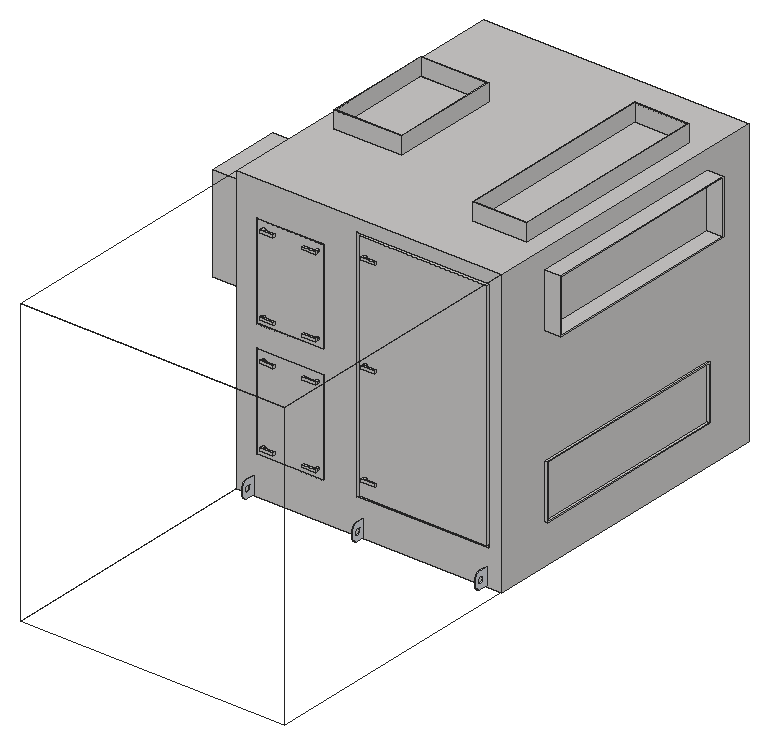
Revit family "DN-5XIN-ERV-1FP", category Mechanical Equipment, Revit 2019
Family settings
  Round Connector Dimension = Use Diameter
  Part Type = Normal
  Work Plane-Based = No
  Always vertical = Yes
  Cut with Voids When Loaded = No
  Shared = No
  Room Calculation Point = No
Parameters (values of type "4@2.70 kW 200-240V")
  Voltage = "200-240V"
  Unit Weight = "2600-3000 lbs."
  Unit Dimensions (L x W x H) = "93-1/8\" x 100-1/8\" x 88-7/8\""
  Unit = Renewaire - Galvanized Steel
  URL = "www.renewaire.com"
  Typical Airflow Range = "1,125-4,950 CFM"
  Standard Features = "EC Motors for both airstreams, Direct drive backward inclined plenum, Higher ESP of up to 3\" w.g. at 4,500 CFM, Integrated programmable controls, True 100% face and bypass enthalpy based modulating economizer, Class 1 low leakage motorized isolation dampers, 1\" Double wall foam injected 20 gauge galvanized panel construction with R6.5 insulation"
  Shipping Dimensions (L x W x H) = "100\" x 101-1/2\" x 94\""
  Service Area Visibility = yes
  Service Area Box = Renewaire - Interference
  Revit Object Download Link = ""
  Phase = 3
  Options = "Onboard variable frequency drives (VFDs) - both airstreams, Fused disconnect, Spring isolators (VFDs only), 2\" Double wall foam injected 20 gauge galvanized panel construction with R13 insulation, Exterior paint - grey, white, custom color, BACNET factory activation, GFCI convenience outlet, Recirculation damper"
  Number Motors = "Qty. 4, Direct drive motorized impeller packages"
  Model = "DN-5XIN-1FP-ERV"
  Minimum Circuit Amps = "36.6 A"
  Maximum Overcurrent Protection = "45 A"
  Max. Shipping Weight = "2850-3350 lbs."
  Manufacturer = "Renewaire LLC"
  Inlets/Outlets [instance] = "OA & RA Inlets: 60\" x 16\", SA Outlet: 24\" x 16\", EA Outlet: 20\" x 32\""
  Frequency = "50/60 Hz"
  Filters [instance] = "Total qty. 10, MERV 8: 16\" x 20\" x 2\"\r\nTotal qty. 10, MERV 8: 16\" x 20\" x 2\""
  FLA per Motor = "8.6-7.2"
  Energy Recovery Type = "Static plate total energy transfer"
  Description = "Energy Recovery Ventilator"
  Bypass Filters [instance] = "Total qty. 4, MERV 8: 16\" x 20\" x 2\""
  Accessories = "Filters - MERV 13, 2\"  and 4\" (shipped loose), MERV 14, 2\" and 4\" (shipped loose), Additional filters available upon request, Duct mounted electric pre-heater (separately powered), Carbon dioxide sensor/control - wall mount (CO2-W), duct mount (CO2-D), IAQ sensor - wall mount (IAQ-W), duct mount (IAQ-D), Motion occupancy sensor/control - ceiling mount (MC-C), wall mount (MC-W), Smoke detector, Room temperature and humidity sensor, Duct static pressure sensor with display to 10\", without display 0-2\", Room pressure sensor with display to 1\", without display 0-1\", Remote display"
  AHRI 1060 Certified Core = "One L-62-G5 and four L-125-G5"
Types (6): name | Voltage | Minimum Circuit Amps | Maximum Overcurrent Protection | Filters | FLA per Motor
  (no name) | "200-240V" | "36.6 A" | "45 A" | "Total qty. 10, MERV 8: 16\" x 20\" x 2\"\r\nTotal qty. 10, MERV 8: 16\" x 20\" x 2\"" | "8.6-7.2"
  4@2.70 kW 200-240V | "200-240V" | "36.6 A" | "45 A" | "Total qty. 10, MERV 8: 16\" x 20\" x 2\"\r\nTotal qty. 10, MERV 8: 16\" x 20\" x 2\"" | "8.6-7.2"
  4@3.70 kW 380-480V | "380-480 V" | "25.5 A" | "30 A" | "Total qty. 10, MERV 8: 16\" x 20\" x 2\"" | "6.0-4.6"
  4@5HP 208-230V | "208-230 V" | "59.1 A" | "70 A" | "Total qty. 10, MERV 8: 16\" x 20\" x 2\"" | "13.9-13.4/6.7"
  4@5HP 460V | "460 V" | "28.5 A" | "35 A" | "Total qty. 10, MERV 8: 16\" x 20\" x 2\"" | "6.7"
  4@5HP 575V | "575 V" | "22.5 A" | "25 A" | "Total qty. 10, MERV 8: 16\" x 20\" x 2\"" | "5.3"
Reference planes (in)
  plane 1 "Center (Front/Back)": y = 0
  plane 2: z = 0
  plane 3 "Center (Left/Right)": x = 0
Forms (in)
  Extrusion 1, solid, material "Renewaire - Galvanized Steel" <- "Unit"
    sketch origin (0, 0, 0) x (1, 0, 0) y (0, 1, 0)
      loop
        line (-78, 45.5) -> (-78, -45.5) -> (0, -45.5) -> (0, 45.5) -> (-78, 45.5)
    from 0 to 84
  Extrusion 2, void
    sketch origin (0, 0, 0) x (1, 0, 0) y (0, 0, 1)
      loop
        line (-72.14754, 73.82399) -> (-72.14754, 45.824) -> (-52.14754, 45.824) -> (-52.14754, 73.82399) -> (-72.14754, 73.82399)
      loop
        line (-42.6125, 80.324) -> (-42.6125, 10.324) -> (-3.61251, 10.324) -> (-3.61251, 80.324) -> (-42.6125, 80.324)
      loop
        line (-72.14754, 39.32399) -> (-72.14754, 11.32399) -> (-52.14754, 11.32399) -> (-52.14754, 39.32399) -> (-72.14754, 39.32399)
    from 44.5 to 47.07986
  Extrusion 3, void
    sketch origin (0, 0, 0) x (1, 0, 0) y (0, 1, 0)
      loop
        line (-76, 43.5) -> (-76, -43.5) -> (-2, -43.5) -> (-2, 43.5) -> (-76, 43.5)
    from -3 to 5
  Extrusion 4, void
    sketch origin (0, 0, 0) x (1, 0, 0) y (0, 1, 0)
      loop
        line (-70.97, 12.11675) -> (-70.97, -11.88325) -> (-54.97, -11.88325) -> (-54.97, 12.11675) -> (-70.97, 12.11675)
      loop
        line (-21.1125, 30.11677) -> (-21.1125, -29.88323) -> (-5.1125, -29.88323) -> (-5.1125, 30.11677) -> (-21.1125, 30.11677)
    from 4.75 to 5.0625
  Extrusion 5, solid, material "Renewaire - Galvanized Steel" <- "Unit"
    sketch origin (0, 0, 0) x (0, 1, 0) y (0, 0, 1)
      loop
        line (12.11677, 31.05846) -> (-11.88323, 31.05846) -> (-11.88323, 15.05845) -> (12.11677, 15.05845) -> (12.11677, 31.05846)
      loop
        line (11.99177, 30.93346) -> (-11.75823, 30.93346) -> (-11.75823, 15.18345) -> (11.99177, 15.18345) -> (11.99177, 30.93346)
    from -79 to -78
  Extrusion 6, solid, material "Renewaire - Galvanized Steel" <- "Unit"
    sketch origin (0, 0, 0) x (0, 1, 0) y (0, 0, 1)
      loop
        line (-29.87714, 28.04274) -> (-29.87714, 12.04274) -> (30.12286, 12.04274) -> (30.12286, 28.04274) -> (-29.87714, 28.04274)
      loop
        line (-29.75214, 27.91774) -> (-29.75214, 12.16774) -> (29.99786, 12.16774) -> (29.99786, 27.91774) -> (-29.75214, 27.91774)
    from 0 to 1
  Extrusion 7, solid, material "Renewaire - Galvanized Steel" <- "Unit"
    sketch origin (0, 0, 0) x (0, 1, 0) y (0, 0, 1)
      loop
        line (-29.88324, 78.57708) -> (-29.88324, 62.57708) -> (30.11676, 62.57708) -> (30.11676, 78.57708) -> (-29.88324, 78.57708)
      loop
        line (-29.75824, 78.45208) -> (-29.75824, 62.70208) -> (29.99176, 62.70208) -> (29.99176, 78.45208) -> (-29.75824, 78.45208)
    from 0 to 5
  Extrusion 8, solid, material "Renewaire - Galvanized Steel" <- "Unit"
    sketch origin (0, 0, 0) x (1, 0, 0) y (0, 0, 1)
      loop
        line (-54.12572, 77.83887) -> (-72.14754, 77.83887) -> (-72.14754, 47.80251) -> (-54.12572, 47.80251) -> (-54.12572, 77.83887)
      loop
        line (-54.25072, 77.71387) -> (-72.02254, 77.71387) -> (-72.02254, 47.92751) -> (-54.25072, 47.92751) -> (-54.25072, 77.71387)
    from -50.5 to -45.5
  Extrusion 9, void
    sketch origin (0, 0, 0) x (1, 0, 0) y (0, 1, 0)
      loop
        line (-73.14753, 16.11676) -> (-73.14753, -15.88324) -> (-53.14754, -15.88324) -> (-53.14754, 16.11676) -> (-73.14753, 16.11676)
      loop
        line (-21.11249, 30.11679) -> (-21.11249, -29.88322) -> (-5.11252, -29.88322) -> (-5.11252, 30.11679) -> (-21.11249, 30.11679)
    from 83.9375 to 84.25
  Extrusion 10, solid, material "Renewaire - Galvanized Steel" <- "Unit"
    sketch origin (0, 0, 0) x (1, 0, 0) y (0, 0, 1)
      loop
        line (-71.94753, 73.62401) -> (-71.94753, 46.024) -> (-52.34756, 46.024) -> (-52.34756, 73.62401) -> (-71.94753, 73.62401)
      loop
        line (-71.94754, 39.124) -> (-71.94754, 11.434) -> (-52.34753, 11.434) -> (-52.34753, 39.124) -> (-71.94754, 39.124)
      loop
        line (-41.95871, 10.97626) -> (-4.26607, 10.97626) -> (-4.26607, 79.67027) -> (-41.95871, 79.67027) -> (-41.95871, 10.97626)
    from 44.5 to 45.5
  Extrusion 11, solid, material "Renewaire - Interference" <- "Service Area Box", visible <- "Service Area Visibility"
    sketch origin (0, 0, 0) x (1, 0, 0) y (0, 1, 0)
      loop
        line (-78, -45.5) -> (-78, -125.5) -> (0, -125.5) -> (0, -45.5) -> (-78, -45.5)
    from 0 to 84
  Extrusion 12, solid, material "Renewaire - Galvanized Steel" <- "Unit"
    sketch origin (0, 0, 0) x (1, 0, 0) y (0, 1, 0)
      loop
        line (-73.14753, 16.11676) -> (-73.14753, -15.88324) -> (-53.14754, -15.88324) -> (-53.14754, 16.11676) -> (-73.14753, 16.11676)
      loop
        line (-72.89753, 15.86676) -> (-72.89753, -15.63324) -> (-53.39754, -15.63324) -> (-53.39754, 15.86676) -> (-72.89753, 15.86676)
      loop
        line (-21.11249, 30.11679) -> (-21.11249, -29.88321) -> (-5.11252, -29.88321) -> (-5.11252, 30.11679) -> (-21.11249, 30.11679)
      loop
        line (-20.86249, 29.86679) -> (-20.86249, -29.63321) -> (-5.36252, -29.63321) -> (-5.36252, 29.86679) -> (-20.86249, 29.86679)
    from 84 to 89
  Extrusion 13, solid, material "Renewaire - Galvanized Steel" <- "Unit"
    sketch origin (2, 0, 0) x (1, 0, 0) y (0, 1, 0)
      loop
        line (-80, -41.38324) -> (-80, -19.13324) -> (-90.625, -19.13324) -> (-90.625, -41.38324) -> (-80, -41.38324)
    from 50.625 to 78.75
Cuts and joins
  Extrusion 2, Extrusion 3, Extrusion 4, Extrusion 9 cuts Extrusion 1
Dimensions and locks (in)
  aligned and locked: plane 2 to level
Nested families (in)
  nested 1: "Handle" at (-40.11251, -45.5, 16), type "Handle"
    with Right Handle yes, Left Handle no, Flip no
  nested 2: "Handle" at (-40.11251, -45.5, 74.67027), type "Handle"
    with Right Handle yes, Left Handle no, Flip no
  nested 3: "Handle" at (-40.11251, -45.5, 46), type "Handle"
    with Right Handle yes, Left Handle no, Flip no
  nested 4: "Handle" at (-70.07253, -45.5, 71.37401), type "Handle"
    with Right Handle yes, Left Handle no, Flip no
  nested 5: "Handle" at (-70.07253, -45.5, 48.274), type "Handle"
    with Right Handle yes, Left Handle no, Flip no
  nested 6: "Handle" at (-54.22256, -45.5, 71.37401), type "Handle"
    with Right Handle no, Left Handle yes, Flip yes
  nested 7: "Handle" at (-54.22256, -45.5, 48.274), type "Handle"
    with Right Handle no, Left Handle yes, Flip yes
  nested 8: "Handle" at (-70.07253, -45.5, 36.87401), type "Handle"
    with Right Handle yes, Left Handle no, Flip no
  nested 9: "Handle" at (-70.07253, -45.5, 13.77401), type "Handle"
    with Right Handle yes, Left Handle no, Flip no
  nested 10: "Handle" at (-54.22256, -45.5, 36.87401), type "Handle"
    with Right Handle no, Left Handle yes, Flip yes
  nested 11: "Handle" at (-54.22256, -45.5, 13.77401), type "Handle"
    with Right Handle no, Left Handle yes, Flip yes
  nested 12: "Lifting Lug" at (-4.5, -45.5, 0) x (0, -1, 0) z (0, 0, 1), type "Lifting Lug"
  nested 13: "Lifting Lug" at (-73.25, -45.5, 0) x (0, -1, 0) z (0, 0, 1), type "Lifting Lug"
  nested 14: "Lifting Lug" at (-4.5, 45.5, 0) x (0, 1, 0) z (0, 0, 1), type "Lifting Lug"
  nested 15: "Lifting Lug" at (-73.25, 45.5, 0) x (0, 1, 0) z (0, 0, 1), type "Lifting Lug"
  nested 16: "Lifting Lug1" at (-40.80093, 45.5, 0) x (0, 1, 0) z (0, 0, 1), Material <- "Unit", type "Lifting Lug 2"
    with Material Renewaire - Galvanized Steel
  nested 17: "Lifting Lug1" at (-40.80093, -45.5, 0) x (0, -1, 0) z (0, 0, 1), Material <- "Unit", type "Lifting Lug 2"
    with Material Renewaire - Galvanized Steel
Connectors (in)
  hvac at (1, 0.12286, 20.04274)
    settings: on Extrusion 6, index 1, duct flow 0 CFM, flow factor 0, pres drop 0.00 in-wg, loss coef 0, conn angle 0.00°, conn width 60", conn height 16", conn diameter 24", duct sys type 2, conn prof type 1, flow config 0, flow direction 1, loss method 0, conn ref index -1, conn util no, is conn primary yes, conn desc "Return Air (RA)"
  hvac at (5, 0.11676, 70.57708)
    settings: on Extrusion 7, index 2, duct flow 0 CFM, flow factor 0, pres drop 0.00 in-wg, loss coef 0, conn angle 0.00°, conn width 60", conn height 16", conn diameter 24", duct sys type 4, conn prof type 1, flow config 0, flow direction 1, loss method 0, conn ref index -1, conn util no, is conn primary no, conn desc "Outside Air (OA)"
  hvac at (-63.13663, 50.5, 62.82069)
    settings: on Extrusion 8, index 5, duct flow 0 CFM, flow factor 0, pres drop 0.00 in-wg, loss coef 0, conn angle 0.00°, conn width 18", conn height 30", conn diameter 24", duct sys type 3, conn prof type 1, flow config 0, flow direction 2, loss method 0, conn ref index -1, conn util no, is conn primary no, conn desc "Exhaust Air (EA)"
  hvac at (-79, 0.11677, 23.05845)
    settings: on Extrusion 5, index 6, duct flow 0 CFM, flow factor 0, pres drop 0.00 in-wg, loss coef 0, conn angle 0.00°, conn width 24", conn height 16", conn diameter 24", duct sys type 1, conn prof type 1, flow config 0, flow direction 2, loss method 0, conn ref index -1, conn util no, is conn primary no, conn desc "Supply Air (SA)"
  hvac at (-13.1125, 0.11677, 5)
    settings: on cut or joined group of Extrusion 1, Extrusion 2, Extrusion 3, Extrusion 4, Extrusion 9, index 8, duct flow 0 CFM, flow factor 0, pres drop 0.00 in-wg, loss coef 0, conn angle 0.00°, conn width 60", conn height 16", conn diameter 24", duct sys type 2, conn prof type 1, flow config 0, flow direction 1, loss method 0, conn ref index -1, conn util no, is conn primary no, conn desc "Return Air (RA)"
  hvac at (-62.97, 0.11675, 5)
    settings: on cut or joined group of Extrusion 1, Extrusion 2, Extrusion 3, Extrusion 4, Extrusion 9, index 9, duct flow 0 CFM, flow factor 0, pres drop 0.00 in-wg, loss coef 0, conn angle 0.00°, conn width 24", conn height 16", conn diameter 24", duct sys type 1, conn prof type 1, flow config 0, flow direction 2, loss method 0, conn ref index -1, conn util no, is conn primary no, conn desc "Supply Air (SA)"
  hvac at (-63.14754, 0.11676, 89)
    settings: on Extrusion 12, index 10, duct flow 0 CFM, flow factor 0, pres drop 0.00 in-wg, loss coef 0, conn angle 0.00°, conn width 20", conn height 32", conn diameter 24", duct sys type 3, conn prof type 1, flow config 0, flow direction 2, loss method 0, conn ref index -1, conn util no, is conn primary no, conn desc "Exhaust Air (EA)"
  hvac at (-13.1125, 0.11679, 89)
    settings: on Extrusion 12, index 11, duct flow 0 CFM, flow factor 0, pres drop 0.00 in-wg, loss coef 0, conn angle 0.00°, conn width 16", conn height 60", conn diameter 24", duct sys type 4, conn prof type 1, flow config 0, flow direction 1, loss method 0, conn ref index -1, conn util no, is conn primary no, conn desc "Outside Air (OA)"
Definition of nested family "Handle"
  Parameters (values of type "Handle")
    Right Handle [instance] = not(Flip)  # no
    Material = none
    Left Handle [instance] = Flip  # yes
    Flip [instance] = yes
  Reference planes (in)
    plane 1 "Center (Front/Back)": y = 0
    plane 2: z = 0
    plane 3 "Center (Left/Right)": x = 0
  Forms (in)
    Extrusion 1, solid, material <- "Material"
      sketch origin (0, 0, 0) x (1, 0, 0) y (0, 0, 1)
        loop
          circle (0, 0) r 0.375
      from 0 to 0.75
    Extrusion 2, solid, material <- "Material", visible <- "Right Handle"
      sketch origin (0, 0, 0) x (1, 0, 0) y (0, 1, 0)
        loop
          line (-0.375, -0.75) -> (-0.375, -1.25) -> (3.625, -1.25) -> (3.625, -0.75) -> (-0.375, -0.75)
      from -0.375 to 0.375
    Extrusion 3, solid, material <- "Material", visible <- "Left Handle"
      sketch origin (-3.25, 0, 0) x (1, 0, 0) y (0, 1, 0)
        loop
          line (-0.375, -0.75) -> (-0.375, -1.25) -> (3.625, -1.25) -> (3.625, -0.75) -> (-0.375, -0.75)
      from -0.375 to 0.375
  Dimensions and locks (in)
    aligned and locked: plane 2 to level
Definition of nested family "Lifting Lug"
  Parameters (values of type "Lifting Lug")
    Material = none
  Reference planes (in)
    plane 1 "Center (Front/Back)": y = 0
    plane 2: z = 0
    plane 3 "Center (Left/Right)": x = 0
  Forms (in)
    Extrusion 1, solid
      sketch origin (0, 0, 0) x (1, 0, 0) y (0, 0, 1)
        loop
          line (0, 0.1875) -> (2, 0.1875)
          arc (2, 0.1875) -> (3.41421, 0.77329) -> (4, 2.1875) r 2
          line (4, 2.1875) -> (4, 3.1875)
          arc (4, 3.1875) -> (3.41421, 4.60171) -> (2, 5.1875) r 2
          line (2, 5.1875) -> (0, 5.1875) -> (0, 0.1875)
        loop
          circle (2.125, 2.6875) r 1
      from 0 to 0.25
  Dimensions and locks (in)
    aligned and locked: plane 2 to level
Definition of nested family "Lifting Lug1"
  Parameters (values of type "Lifting Lug")
    Material [instance] = none
  Reference planes (in)
    plane 1 "Center (Front/Back)": y = 0
    plane 2: z = 0
    plane 3 "Center (Left/Right)": x = 0
  Forms (in)
    Extrusion 1, solid
      sketch origin (0, 0, 0) x (1, 0, 0) y (0, 0, 1)
        loop
          line (0, 0.1875) -> (2, 0.1875)
          arc (2, 0.1875) -> (3.41421, 0.77329) -> (4, 2.1875) r 2
          line (4, 2.1875) -> (4, 3.1875)
          arc (4, 3.1875) -> (3.41421, 4.60171) -> (2, 5.1875) r 2
          line (2, 5.1875) -> (0, 5.1875) -> (0, 0.1875)
        loop
          circle (2.125, 2.6875) r 1
      from 0 to 0.25
  Dimensions and locks (in)
    aligned and locked: plane 2 to level
